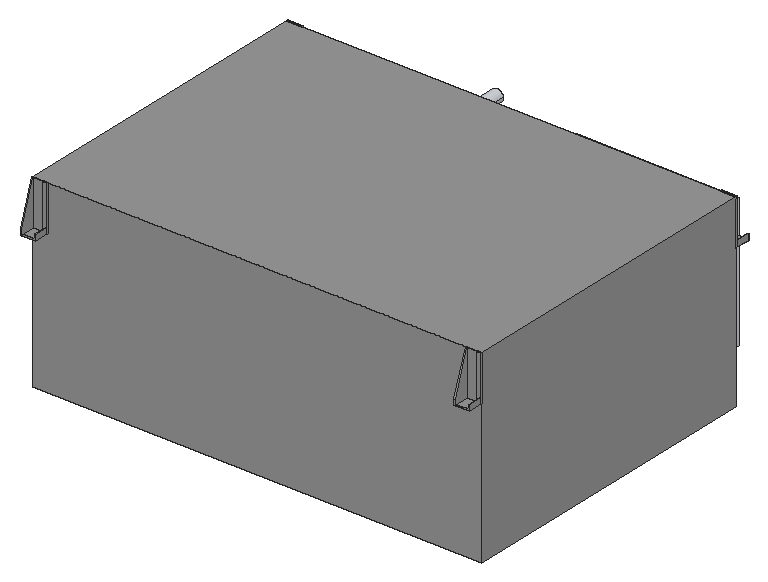
Revit family "НЕВАТОМ_Neiva 2 подвесная С-W-R 3000, Версия 2", category Оборудование, Revit 2017
Family settings
  Размер круглого соединителя = Использовать диаметр
  Тип детали = Нормальный
  На основе рабочей плоскости = Да
  Всегда вертикально = Нет
  При загрузке вырезать с полостями = Нет
  Общий = Нет
  Точка расчета площади = Нет
Parameters (values of type "C-3000-W-R")
  расстояние справа от щита = 592 mm
  расстояние до щита = 0 mm
  п5 = 468 mm
  п4 = 418 mm
  п3 = 230 mm
  п2 = 178 mm
  п1 = 128 mm
  длина щита = 440 mm
  длина ПВУ = 1218 mm
  глубина щита = 100 mm
  глубина ПВУ = 860 mm
  высота щита = 360 mm
  высота ПВУ = 510 mm
  вводный канал с = 945 mm
  вводный канал а = 946 mm
  вводный канал d = 255.081 mm
  вводный канал b = 68 mm
  Питание, В = "220"
  Default Elevation = 0 mm
  НЕВАТОМ_Температура воды на выходе из нагревателя = 70 °C
  А6 = 450 mm
  s = 16.514 mm
  m = 38.324 mm
  k  длина = 313 mm
  g6 = 200 mm
  g5 = 240 mm
  g4 = 75 mm
  g3 = 130 mm
  g1 = 18 mm
  f6 = 24.614 mm
  f5 = 64.614 mm
  f4 = 63.91 mm
  f3 = 44.614 mm
  f2 = 44.614 mm
  f1 = 39.65 mm
  d вниз = 60 mm
  c низ влево = 620 mm
  b4 = 75 mm
  b3 = 126 mm
  b2 = 174 mm
  b1 = 272 mm
  b вверх = 80 mm
  a влево = 578 mm
  PG = 0 mm
  Nevatom_Регулятор воздуха = ""
  Nevatom_Производительность = ""
  Nevatom_Напорная характеристика, Р1 = 200.0 Pa
  Nevatom_Напорная характеристика, P = 0.0 Pa
  Nevatom_Мощность нагревателя = 0 W
  Nevatom_Для задания электроснабжения = ""
  Nevatom_URL = ""
  Nevatom_Q1, м³/ч = 2880.0 m³/h
  Nevatom_Q, м³/ч = 1800.0 m³/h
  ADSK_Ток = 1.86 A
  ADSK_Температура воздуха на входе в нагреватель = 90 °C
  ADSK_Расход воздуха = 0.0 m³/h
  ADSK_Размер_Ширина = глубина ПВУ  # 860 mm
  ADSK_Размер_Длина = длина ПВУ  # 1218 mm
  ADSK_Размер_Высота = высота ПВУ  # 510 mm
  ADSK_Потеря давления воздуха = 0.0 Pa
  ADSK_Полная мощность = ADSK_Номинальная мощность / ADSK_Коэффициент мощности  # 1425 VA
  ADSK_Позиция = ""
  ADSK_Номинальная мощность = 1140 W
  ADSK_Напряжение = 400 V
  ADSK_Наименование = "C-3000-W-R"
  ADSK_Материал наименование = "сталь оцинкованная крашенная"
  ADSK_Масса = 90
  ADSK_Марка = "C-3000-W-R"
  ADSK_Коэффициент мощности = 0.8
  ADSK_Количество фаз = 3
  ADSK_Количество = 1  # constant formula
  ADSK_Код изделия = ""
  ADSK_Завод-изготовитель = "НЕВАТОМ"  # constant formula
  ADSK_Единица измерения = "шт."  # constant formula
  A1 = 830 mm
Reference planes
  plane 1 "По центру (Вперед/Назад)": y = 0
  plane 2: z = 0
  plane 3 "По центру (Влево/Вправо)": x = 0
  plane 4: y = 948.601
  plane 5: y = 88.601
  plane 6: x = -730
  plane 7: x = 488
  plane 8: y = -11.399
  plane 9: x = -544
  plane 10: z = 510
  plane 11: x = -104
  plane 12: z = 0
  plane 13: z = 0
  plane 14: z = 360
  plane 15: y = 948.601
Forms (mm)
  Extrusion 1, solid, material "Сталь, окрашенная, слоновая кость, матовая"
    sketch origin (0, 0, 0) x (1, 0, 0) y (0, 1, 0)
      loop
        line (-730, 948.601) -> (-730, 88.601) -> (488, 88.601) -> (488, 948.601) -> (-730, 948.601)
    from 0 to 510
  Extrusion 2, solid
    sketch origin (520, 1037.201, 80) x (1, 0, 0) y (0, 1, 0)
      loop
        line (-544, 11.399) -> (-544, -88.601) -> (-104, -88.601) -> (-104, 11.399) -> (-544, 11.399)
    from 0 to 360
Dimensions and locks
  plane 6 to plane 3 "По центру (Влево/Вправо)" to plane 7 = 730 mm, 488 mm
  "длина ПВУ": plane 6 to plane 7
  plane 4 to plane 5 to plane 1 "По центру (Вперед/Назад)" = 860 mm, 88.601 mm
  "глубина ПВУ": plane 4 to plane 5
  "глубина щита": plane 5 to plane 8
  "расстояние справа от щита": plane 11 to plane 7
  "высота ПВУ": plane 10 to level
  plane 12 to level = 0 mm
  "расстояние до щита": plane 13 to plane 12
  "высота щита": plane 14 to plane 13
  "длина щита": plane 11 to plane 9
  aligned and locked: level to plane 2
  aligned and locked: Extrusion 1 sketch curve to plane 4
  aligned and locked: plane 6 to Extrusion 1 sketch curve
  aligned and locked: Extrusion 1 sketch curve to plane 7
  aligned and locked: Extrusion 1 to plane 5
  aligned and locked: Extrusion 1 to plane 10
  aligned and locked: plane 10 to nested 1
  aligned and locked: nested 3 to plane 10
  aligned and locked: plane 10 to nested 2
  aligned and locked: nested 4 to plane 10
  aligned and locked: Extrusion 2 to nested 12
Automatic sketch dimensions
  Extrusion 1 sketch curve to plane 5 = 0 mm
  Extrusion 2 sketch curve to plane 4 = 0 mm
  Extrusion 2 sketch curve to plane 3 "По центру (Влево/Вправо)" = 24 mm
  Extrusion 2 sketch curve to plane 7 = 72 mm
  Extrusion 2 sketch curve to Extrusion 2 sketch curve = 100 mm
Nested families
  nested 1: "кронштейн" at (-707.156, 69.201, 513.126) x (1, 0, 0) z (0, 0, -1), type "кронштейн"
  nested 2: "кронштейн" at (468.844, 69.201, 513.126) x (1, 0, 0) z (0, 0, -1), type "кронштейн"
  nested 3: "кронштейн" at (-707.156, 968, 513.126) x (1, 0, 0) z (0, 0, -1), type "кронштейн"
  nested 4: "кронштейн" at (468.844, 968, 513.126) x (1, 0, 0) z (0, 0, -1), type "кронштейн"
  nested 5: "патрубок NWP" at (-252, 948.601, 445) x (1, 0, 0) z (0, 1, 0), type "патрубок NWP"
  nested 6: "патрубок NWP" at (-210, 948.601, 60) x (1, 0, 0) z (0, 1, 0), type "патрубок NWP"
  nested 7: "кабельный ввод PG16" at (-24, 998.601, 254) x (0, 1, 0) z (-1, 0, 0), type "PG16"
  nested 8: "кабельный ввод PG16" at (-24, 998.601, 170) x (0, 1, 0) z (-1, 0, 0), type "PG16"
  nested 9: "кабельный ввод PG11" at (-24, 997.879, 210) x (0, 1, 0) z (-1, 0, 0), type "PG11"
  nested 10: "кабельный ввод PG16" at (-24, 998.601, 297.296) x (0, 1, 0) z (-1, 0, 0), type "PG16"
  nested 11: "кабельный ввод PG16" at (-24, 998.601, 340.592) x (0, 1, 0) z (-1, 0, 0), type "PG16"
  nested 12: "выключатель пластик" at (411, 1004.015, 205) x (0, -1, 0) z (1, 0, 0), type "выключатель пластик"
  nested 13: "кабельный ввод PG21" at (326, 993.001, 80) x (-1, 0, 0) z (0, 0, -1), type "PG21"
  nested 14: "кабельный ввод PG11" at (271, 993.001, 80) x (-1, 0, 0) z (0, 0, -1), type "PG11"
  nested 15: "кабельный ввод PG11" at (78, 993.001, 80) x (-1, 0, 0) z (0, 0, -1), type "PG11"
  nested 16: "кабельный ввод PG11" at (25.371, 978.001, 80) x (-1, 0, 0) z (0, 0, -1), type "PG11"
  nested 17: "термостат" at (-341, 987.601, 402.5) x (-1, 0, 0) z (0, -1, 0), type "термостат"
  nested 18: "кабельный ввод PG11" at (-410, 948.601, 110.986) x (1, 0, 0) z (0, 1, 0), type "PG11"
  nested 19: "кабельный ввод PG11" at (-409.444, 948.601, 160.986) x (1, 0, 0) z (0, 1, 0), type "PG11"
  nested 20: "кабельный ввод PG11" at (-409.444, 948.601, 210.986) x (1, 0, 0) z (0, 1, 0), type "PG11"
  nested 21: "кабельный ввод PG11" at (221.732, 993.001, 80) x (-1, 0, 0) z (0, 0, -1), type "PG11"
  nested 22: "кабельный ввод PG11" at (25.371, 1013.001, 80) x (-1, 0, 0) z (0, 0, -1), type "PG11"
Connectors
  hvac at (488, 518.601, 255), driven by "А6", driven by "A1", driven by "ADSK_Расход воздуха", driven by "ADSK_Потеря давления воздуха"
    settings: on Extrusion 1, index 1, duct flow 0.0 m³/h, flow factor 0, pres drop 0.0 Pa, loss coef 0, conn angle 0.00°, conn width 830 mm, conn height 450 mm, conn diameter 609.6 mm, duct sys type 1, conn prof type 1, flow config 0, flow direction 1, loss method 4, conn ref index 2, conn util no, is conn primary yes, conn desc ""
  hvac at (-730, 518.601, 255), driven by "А6", driven by "A1", driven by "ADSK_Расход воздуха", driven by "ADSK_Потеря давления воздуха"
    settings: on Extrusion 1, index 2, duct flow 0.0 m³/h, flow factor 0, pres drop 0.0 Pa, loss coef 0, conn angle 0.00°, conn width 830 mm, conn height 450 mm, conn diameter 609.6 mm, duct sys type 1, conn prof type 1, flow config 0, flow direction 2, loss method 4, conn ref index 1, conn util no, is conn primary no, conn desc ""
  electrical at (326, 993.001, 80), driven by "ADSK_Напряжение", driven by "ADSK_Коэффициент мощности", driven by "ADSK_Полная мощность", driven by "ADSK_Количество фаз"
    settings: on nested 13, index 3, voltage 400 V, apparent load 0 VA, apparent load phase1 1425 VA, apparent load phase2 0 VA, apparent load phase3 0 VA, power factor 0.8, load classification "Двигатель", number of poles 3, system type 31, power factor state 1, is connector primary yes, connector utility no, sub classification motor no, connector description ""
  electrical at (271, 993.001, 80)
    settings: on nested 14, index 4, voltage 0 V, apparent load 0 VA, apparent load phase1 0 VA, apparent load phase2 0 VA, apparent load phase3 0 VA, power factor 1, load classification "Прочее", number of poles 1, system type 14, power factor state 1, is connector primary no, connector utility no, sub classification motor no, connector description ""
  electrical at (221.732, 993.001, 80)
    settings: on nested 21, index 5, voltage 0 V, apparent load 0 VA, apparent load phase1 0 VA, apparent load phase2 0 VA, apparent load phase3 0 VA, power factor 1, load classification "Прочее", number of poles 1, system type 14, power factor state 1, is connector primary no, connector utility no, sub classification motor no, connector description ""
  electrical at (78, 993.001, 80)
    settings: on nested 15, index 6, voltage 0 V, apparent load 0 VA, apparent load phase1 0 VA, apparent load phase2 0 VA, apparent load phase3 0 VA, power factor 1, load classification "Прочее", number of poles 1, system type 14, power factor state 1, is connector primary no, connector utility no, sub classification motor no, connector description ""
  electrical at (25.371, 978.001, 80)
    settings: on nested 16, index 7, voltage 0 V, apparent load 0 VA, apparent load phase1 0 VA, apparent load phase2 0 VA, apparent load phase3 0 VA, power factor 1, load classification "Прочее", number of poles 1, system type 14, power factor state 1, is connector primary no, connector utility no, sub classification motor no, connector description ""
  electrical at (25.371, 1013.001, 80)
    settings: on nested 22, index 8, voltage 0 V, apparent load 0 VA, apparent load phase1 0 VA, apparent load phase2 0 VA, apparent load phase3 0 VA, power factor 1, load classification "Прочее", number of poles 1, system type 14, power factor state 1, is connector primary no, connector utility no, sub classification motor no, connector description ""
  electrical at (-24, 998.601, 170)
    settings: on nested 8, index 9, voltage 0 V, apparent load 0 VA, apparent load phase1 0 VA, apparent load phase2 0 VA, apparent load phase3 0 VA, power factor 1, load classification "Прочее", number of poles 1, system type 14, power factor state 1, is connector primary no, connector utility no, sub classification motor no, connector description ""
  electrical at (-24, 997.879, 210)
    settings: on nested 9, index 10, voltage 0 V, apparent load 0 VA, apparent load phase1 0 VA, apparent load phase2 0 VA, apparent load phase3 0 VA, power factor 1, load classification "Прочее", number of poles 1, system type 14, power factor state 1, is connector primary no, connector utility no, sub classification motor no, connector description ""
  electrical at (-24, 998.601, 254)
    settings: on nested 7, index 11, voltage 0 V, apparent load 0 VA, apparent load phase1 0 VA, apparent load phase2 0 VA, apparent load phase3 0 VA, power factor 1, load classification "Прочее", number of poles 1, system type 14, power factor state 1, is connector primary no, connector utility no, sub classification motor no, connector description ""
  electrical at (-24, 998.601, 297.296)
    settings: on nested 10, index 12, voltage 0 V, apparent load 0 VA, apparent load phase1 0 VA, apparent load phase2 0 VA, apparent load phase3 0 VA, power factor 1, load classification "Прочее", number of poles 1, system type 14, power factor state 1, is connector primary no, connector utility no, sub classification motor no, connector description ""
  electrical at (-24, 998.601, 340.592)
    settings: on nested 11, index 13, voltage 0 V, apparent load 0 VA, apparent load phase1 0 VA, apparent load phase2 0 VA, apparent load phase3 0 VA, power factor 1, load classification "Прочее", number of poles 1, system type 14, power factor state 1, is connector primary no, connector utility no, sub classification motor no, connector description ""
  piping at (-252, 1064.601, 445), diameter 30
    settings: on nested 5, index 17, connector inside diameter 609.6 mm, connector length 0 mm, flow factor 0, pipe flow 0.0 m³/h, pressure drop 0.0 Pa, fitting loss kfactor 0, connector angle 0.00°, fixture units 0, engagement length 0 mm, angle of deflection 0.00°, flow configuration 0, flow direction 0, fitting loss method 0, system type 19, joint type 0, gender type 0, connector reference index -1, connector utility 0, adjustable connector no, is connector primary yes, connector description ""
  piping at (-210, 1064.601, 60), diameter 30
    settings: on nested 6, index 18, connector inside diameter 609.6 mm, connector length 0 mm, flow factor 0, pipe flow 0.0 m³/h, pressure drop 0.0 Pa, fitting loss kfactor 0, connector angle 0.00°, fixture units 0, engagement length 0 mm, angle of deflection 0.00°, flow configuration 0, flow direction 0, fitting loss method 0, system type 19, joint type 0, gender type 0, connector reference index -1, connector utility 0, adjustable connector no, is connector primary no, connector description ""
Definition of nested family "кронштейн"
  Reference planes
    plane 1 "По центру (Вперед/Назад)": y = 0
    plane 2: z = 0
    plane 3 "По центру (Влево/Вправо)": x = 0
  Forms (mm)
    Extrusion 1, solid
      sketch origin (-545.844, 366.399, 0) x (0, 1, 0) y (0, 0, 1)
        loop
          line (-351.118, 126.794) -> (-389, 126.794) -> (-389, 111.794) -> (-351.118, 3.126) -> (-351.118, 126.794)
      from 523 to 527.712
    Extrusion 2, solid
      sketch origin (-545.844, 301.399, 0) x (1, 0, 0) y (0, 0, 1)
        loop
          line (557.712, 126.794) -> (557.712, 123.742) -> (561.763, 123.742) -> (561.763, 111.794) -> (565, 111.794) -> (565, 126.794) -> (557.712, 126.794)
      from 286.118 to 324
    Extrusion 3, solid
      sketch origin (-545.844, 301.399, 20) x (1, 0, 0) y (0, 0, 1)
        loop
          line (565, -16.874) -> (565, 106.794) -> (553, 106.794) -> (553, -16.874) -> (565, -16.874)
      from 282 to 286.118
    Extrusion 4, solid
      sketch origin (-545.844, 301.399, 20) x (1, 0, 0) y (0, 0, 1)
        loop
          line (565, -16.874) -> (565, 106.794) -> (523, 106.794) -> (523, -16.874) -> (565, -16.874)
      from 282 to 286.118
    Extrusion 5, solid
      sketch origin (-545.844, 301.399, 0) x (1, 0, 0) y (0, 0, 1)
        loop
          line (527.712, 126.794) -> (527.712, 123.742) -> (561.763, 123.742) -> (561.763, 111.794) -> (565, 111.794) -> (565, 126.794) -> (527.712, 126.794)
      from 286.118 to 324
  Dimensions and locks
    aligned and locked: level to plane 2
Definition of nested family "патрубок NWP"
  Parameters (values of type "патрубок NWP")
    Default Elevation = 1219.2 mm
    d = 35 mm
    H = 116 mm
    D1 = 33 mm
    D патрубка = 33 mm
    D = 65 mm
  Reference planes
    plane 1 "По центру (Вперед/Назад)": y = 0
    plane 2: z = 0
    plane 3 "По центру (Влево/Вправо)": x = 0
    plane 4: z = 116
  Forms (mm)
    Extrusion 1, solid
      sketch origin (0, 0, 0) x (1, 0, 0) y (0, 1, 0)
        loop
          circle (0, 0) r 17.5
        loop
          circle (0, 0) r 32.5
        loop
          circle (0, 25.572) r 2.341
        loop
          circle (25.506, 0) r 2.503
        loop
          circle (0, -25.338) r 2.519
        loop
          circle (-26.427, 0) r 2.503
      from 0 to 2
    Extrusion 2, solid
      sketch origin (0, 0, 0) x (1, 0, 0) y (0, 1, 0)
        loop
          circle (0, 0) r 16.5
      from 0 to 116
  Dimensions and locks
    "H": plane 4 to level
    "D": diameter of Extrusion 1 sketch curve
    "d": diameter of Extrusion 1 sketch curve
    "D1": diameter of Extrusion 2 sketch curve
    "D патрубка": diameter of Extrusion 2
    aligned and locked: level to plane 2
    aligned and locked: plane 4 to Extrusion 2
    aligned and locked: Extrusion 1 to level
  Automatic sketch dimensions
    Extrusion 1 sketch curve to Extrusion 1 sketch curve = 0 mm  (x2)
    plane 1 "По центру (Вперед/Назад)" to Extrusion 1 sketch curve = 0 mm  (x3)
    Extrusion 1 sketch curve to plane 3 "По центру (Влево/Вправо)" = 0 mm  (x3)
    Extrusion 1 sketch curve to plane 3 "По центру (Влево/Вправо)" = 26.427 mm
    plane 3 "По центру (Влево/Вправо)" to Extrusion 1 sketch curve = 25.506 mm
    plane 1 "По центру (Вперед/Назад)" to Extrusion 1 sketch curve = 25.338 mm
    Extrusion 1 sketch curve to plane 1 "По центру (Вперед/Назад)" = 25.572 mm
    plane 1 "По центру (Вперед/Назад)" to Extrusion 2 sketch curve = 0 mm
    Extrusion 2 sketch curve to plane 3 "По центру (Влево/Вправо)" = 0 mm
    radius of Extrusion 1 sketch curve = 2.341 mm
    radius of Extrusion 1 sketch curve = 2.503 mm  (x2)
    radius of Extrusion 1 sketch curve = 2.519 mm
Definition of nested family "кабельный ввод PG16"
  Parameters (values of type "PG16")
    Default Elevation = 1219.2 mm
    d = 10 mm
    b = 25.371 mm
    a = 21.972 mm
    H = 28 mm
  Reference planes
    plane 1 "По центру (Вперед/Назад)": y = 0
    plane 2: z = 0
    plane 3 "По центру (Влево/Вправо)": x = 0
    plane 4: z = 28
    plane 5: z = 18
  Forms (mm)
    Blend 1, solid
      base sketch origin (0, 0, 0) x (1, 0, 0) y (0, 1, 0)
        loop
          circle (0, 0) r 10
      top sketch origin (0, 0, 0) x (1, 0, 0) y (0, 1, 0)
        loop
          circle (0, 0) r 5
      from 18 to 28
    Extrusion 2, void
      sketch origin (0, 0, 0) x (1, 0, 0) y (0, 1, 0)
        loop
          circle (0, 0) r 5.415
      from 0 to 28
    Extrusion 3, solid
      sketch origin (0, 0, 0) x (1, 0, 0) y (0, 1, 0)
        loop
          circle (0, 0) r 5.415
        loop
          line (13.498, 0) -> (6.749, 11.69) -> (-6.749, 11.69) -> (-13.498, 0) -> (-6.749, -11.69) -> (6.749, -11.69) -> (13.498, 0)
      from 0 to 18
  Cuts and joins
    Extrusion 2 cuts Blend 1
  Dimensions and locks
    "H": plane 4 to level
    aligned and locked: level to plane 2
  Automatic sketch dimensions
    plane 1 "По центру (Вперед/Назад)" to Blend 1 sketch curve = 0 mm  (x2)
    Blend 1 sketch curve to plane 3 "По центру (Влево/Вправо)" = 0 mm  (x2)
    plane 1 "По центру (Вперед/Назад)" to Extrusion 2 sketch curve = 0 mm
    Extrusion 2 sketch curve to plane 3 "По центру (Влево/Вправо)" = 0 mm
    plane 1 "По центру (Вперед/Назад)" to Extrusion 3 sketch curve = 0 mm
    Extrusion 3 sketch curve to plane 3 "По центру (Влево/Вправо)" = 0 mm
    radius of Blend 1 sketch curve = 5 mm
    radius of Extrusion 2 sketch curve = 5.415 mm
    radius of Blend 1 sketch curve = 10 mm
    radius of Extrusion 3 sketch curve = 5.415 mm
Definition of nested family "кабельный ввод PG11"
  Parameters (values of type "PG11")
    Default Elevation = 1219.2 mm
    d = 10 mm
    b = 25.371 mm
    a = 21.972 mm
    H = 26 mm
  Types (4, lengths in mm): name | H
    (no name) | 26
    PG11 | 26
    PG16 | 28
    PG21 | 33
  Reference planes
    plane 1 "По центру (Вперед/Назад)": y = 0
    plane 2: z = 0
    plane 3 "По центру (Влево/Вправо)": x = 0
    plane 4: z = 26
    plane 5: z = 18
    plane 6: x = -12.685
  Forms (mm)
    Extrusion 1, solid
      sketch origin (0, 0, 0) x (1, 0, 0) y (0, 1, 0)
        loop
          line (12.685, 0) -> (6.343, 10.986) -> (-6.343, 10.986) -> (-12.685, 0) -> (-6.343, -10.986) -> (6.343, -10.986) -> (12.685, 0)
        loop
          circle (0, 0) r 5
      from 0 to 18
    Blend 2, solid
      base sketch origin (0, 0, 0) x (1, 0, 0) y (0, 1, 0)
        loop
          circle (0, 0) r 10
      top sketch origin (0, 0, 0) x (1, 0, 0) y (0, 1, 0)
        loop
          circle (0, 0) r 5
      from 18 to 26
    Extrusion 3, void
      sketch origin (0, 0, 0) x (1, 0, 0) y (0, 1, 0)
        loop
          circle (0, 0) r 5.415
      from 0 to 26
  Cuts and joins
    Extrusion 3 cuts Extrusion 1
    Extrusion 3 cuts Blend 2
  Dimensions and locks
    "H": plane 4 to level
    aligned and locked: level to plane 2
  Automatic sketch dimensions
    plane 1 "По центру (Вперед/Назад)" to Extrusion 1 sketch curve = 0 mm  (x3)
    Extrusion 1 sketch curve to plane 6 = 0 mm
    Extrusion 1 sketch curve to plane 3 "По центру (Влево/Вправо)" = 0 mm
    Extrusion 1 sketch curve to plane 3 "По центру (Влево/Вправо)" = 6.343 mm  (x2)
    plane 3 "По центру (Влево/Вправо)" to Extrusion 1 sketch curve = 6.343 mm  (x2)
    Extrusion 1 sketch curve to Extrusion 1 sketch curve = 6.343 mm
    plane 1 "По центру (Вперед/Назад)" to Extrusion 1 sketch curve = 10.986 mm
    Extrusion 1 sketch curve to plane 1 "По центру (Вперед/Назад)" = 10.986 mm
    plane 1 "По центру (Вперед/Назад)" to Blend 2 sketch curve = 0 mm  (x2)
    Blend 2 sketch curve to plane 3 "По центру (Влево/Вправо)" = 0 mm  (x2)
    plane 1 "По центру (Вперед/Назад)" to Extrusion 3 sketch curve = 0 mm
    Extrusion 3 sketch curve to plane 3 "По центру (Влево/Вправо)" = 0 mm
    radius of Extrusion 1 sketch curve = 5 mm
    radius of Blend 2 sketch curve = 10 mm
    radius of Blend 2 sketch curve = 5 mm
    radius of Extrusion 3 sketch curve = 5.415 mm
Definition of nested family "выключатель пластик"
  Parameters (values of type "выключатель пластик")
    Default Elevation = 1219.2 mm
    h = 18 mm
    b = 44 mm
    a = 44 mm
  Reference planes
    plane 1 "По центру (Вперед/Назад)": y = 0
    plane 2: z = 0
    plane 3 "По центру (Влево/Вправо)": x = 0
    plane 4: x = -22
    plane 5: x = 22
    plane 6: y = -22
    plane 7: y = 22
    plane 8: z = 18
  Forms (mm)
    Extrusion 1, solid
      sketch origin (0, 0, 0) x (1, 0, 0) y (0, 1, 0)
        loop
          line (-22, 22) -> (-22, -22) -> (22, -22) -> (22, 22) -> (-22, 22)
      from 5 to 10
    Extrusion 2, solid
      sketch origin (0, 0, 0) x (1, 0, 0) y (0, 1, 0)
        loop
          circle (0, 0) r 17.083
        loop
          circle (0, 0) r 13.032
      from 10 to 20
    Extrusion 3, solid
      sketch origin (0, 0, 0) x (1, 0, 0) y (0, 1, 0)
        loop
          line (-1.523, -13.032) -> (1.565, -13.032) -> (1.565, 12.938) -> (-1.523, 12.938) -> (-1.523, -13.032)
      from 5 to 20
  Cuts and joins
    joined: Extrusion 1, Extrusion 2
  Dimensions and locks
    equal spacing: plane 7, plane 1 "По центру (Вперед/Назад)", plane 6
    "a": plane 7 to plane 6
    equal spacing: plane 4, plane 3 "По центру (Влево/Вправо)", plane 5
    "b": plane 4 to plane 5
    "h": plane 8 to level
    aligned and locked: level to plane 2
  Automatic sketch dimensions
    Extrusion 1 sketch curve to plane 4 = 0 mm
    Extrusion 1 sketch curve to plane 5 = 0 mm
    Extrusion 1 sketch curve to plane 6 = 0 mm
    Extrusion 1 sketch curve to plane 7 = 0 mm
    Extrusion 2 sketch curve to Extrusion 2 sketch curve = 0 mm  (x2)
    plane 1 "По центру (Вперед/Назад)" to Extrusion 2 sketch curve = 0 mm
    Extrusion 2 sketch curve to plane 3 "По центру (Влево/Вправо)" = 0 mm
    Extrusion 3 sketch curve to plane 3 "По центру (Влево/Вправо)" = 1.523 mm
    plane 3 "По центру (Влево/Вправо)" to Extrusion 3 sketch curve = 1.565 mm
    plane 6 to Extrusion 3 sketch curve = 8.968 mm
    Extrusion 3 sketch curve to plane 7 = 9.062 mm
    radius of Extrusion 2 sketch curve = 17.083 mm
    radius of Extrusion 2 sketch curve = 13.032 mm
Definition of nested family "кабельный ввод PG21"
  Parameters (values of type "PG11")
    Default Elevation = 1219.2 mm
    d = 10 mm
    b = 25.371 mm
    a = 21.972 mm
    H = 32 mm
  Types (4, lengths in mm): name | H
    (no name) | 26
    PG11 | 32
    PG16 | 28
    PG21 | 33
  Reference planes
    plane 1 "По центру (Вперед/Назад)": y = 0
    plane 2: z = 0
    plane 3 "По центру (Влево/Вправо)": x = 0
    plane 4: z = 32
    plane 5: z = 18
  Forms (mm)
    Blend 1, solid
      base sketch origin (0, 0, 0) x (1, 0, 0) y (0, 1, 0)
        loop
          circle (0, 0) r 14
      top sketch origin (0, 0, 0) x (1, 0, 0) y (0, 1, 0)
        loop
          circle (0, 0) r 5
      from 22.641 to 32
    Extrusion 2, void
      sketch origin (0, 0, 0) x (1, 0, 0) y (0, 1, 0)
        loop
          circle (0, 0) r 5.415
      from 0 to 32
    Extrusion 3, solid
      sketch origin (0, 0, 0) x (0.999848, 0.017452, 0) y (-0.017452, 0.999848, 0)
        loop
          circle (0, 0) r 6.071
        loop
          line (18.415, -0.321) -> (9.486, 15.787) -> (-8.929, 16.108) -> (-18.415, 0.321) -> (-9.486, -15.787) -> (8.929, -16.108) -> (18.415, -0.321)
      from 0 to 22.641
  Cuts and joins
    Extrusion 2 cuts Blend 1
  Dimensions and locks
    "H": plane 4 to level
    aligned and locked: level to plane 2
  Automatic sketch dimensions
    plane 1 "По центру (Вперед/Назад)" to Blend 1 sketch curve = 0 mm  (x2)
    Blend 1 sketch curve to plane 3 "По центру (Влево/Вправо)" = 0 mm  (x2)
    plane 1 "По центру (Вперед/Назад)" to Extrusion 2 sketch curve = 0 mm
    Extrusion 2 sketch curve to plane 3 "По центру (Влево/Вправо)" = 0 mm
    plane 1 "По центру (Вперед/Назад)" to Extrusion 3 sketch curve = 0 mm  (x3)
    Extrusion 3 sketch curve to plane 3 "По центру (Влево/Вправо)" = 0 mm
    Extrusion 3 sketch curve to Extrusion 3 sketch curve = 9.486 mm  (x2)
    Extrusion 3 sketch curve to Extrusion 3 sketch curve = 0.321 mm
    Extrusion 3 sketch curve to Extrusion 3 sketch curve = 8.929 mm  (x2)
    Extrusion 3 sketch curve to Extrusion 3 sketch curve = 18.415 mm  (x2)
    Extrusion 3 sketch curve to Extrusion 3 sketch curve = 16.108 mm  (x2)
    Extrusion 3 sketch curve to Extrusion 3 sketch curve = 15.787 mm
    radius of Blend 1 sketch curve = 14 mm
    radius of Blend 1 sketch curve = 5 mm
    radius of Extrusion 2 sketch curve = 5.415 mm
    radius of Extrusion 3 sketch curve = 6.071 mm
Definition of nested family "термостат"
  Parameters (values of type "термостат")
    Default Elevation = 1219.2 mm
    h = 39 mm
    b = 61 mm
    a = 74 mm
  Reference planes
    plane 1 "По центру (Вперед/Назад)": y = 0
    plane 2: z = 0
    plane 3 "По центру (Влево/Вправо)": x = 0
    plane 4: y = 30.5
    plane 5: x = 37
    plane 6: x = -37
    plane 7: y = -30.5
    plane 8: z = 39
  Forms (mm)
    Extrusion 1, solid
      sketch origin (0, 0, 0) x (1, 0, 0) y (0, 1, 0)
        loop
          line (-37, -30.5) -> (37, -30.5) -> (37, 30.5) -> (-37, 30.5) -> (-37, -30.5)
      from 0 to 39
    Extrusion 2, solid
      sketch origin (0, 0, 0) x (1, 0, 0) y (0, 0, 1)
        loop
          circle (15.272, 16.546) r 15
      from 30.5 to 43.051
    Extrusion 3, solid
      sketch origin (0, 0, 0) x (1, 0, 0) y (0, 0, 1)
        loop
          circle (-17.283, 28.063) r 2.025
      from -54.437 to -30.5
  Dimensions and locks
    "h": plane 8 to level
    equal spacing: plane 6, plane 3 "По центру (Влево/Вправо)", plane 5
    "a": plane 6 to plane 5
    equal spacing: plane 4, plane 1 "По центру (Вперед/Назад)", plane 7
    "b": plane 4 to plane 7
    aligned and locked: level to plane 2
  Automatic sketch dimensions
    Extrusion 1 sketch curve to plane 4 = 0 mm
    Extrusion 1 sketch curve to plane 6 = 0 mm
    Extrusion 1 sketch curve to plane 5 = 0 mm
    Extrusion 1 sketch curve to plane 7 = 0 mm
    plane 3 "По центру (Влево/Вправо)" to Extrusion 2 sketch curve = 15.272 mm
    level to Extrusion 2 sketch curve = 16.546 mm
    Extrusion 3 sketch curve to plane 3 "По центру (Влево/Вправо)" = 17.283 mm
    Extrusion 3 sketch curve to plane 8 = 10.937 mm
    radius of Extrusion 2 sketch curve = 15 mm
    radius of Extrusion 3 sketch curve = 2.025 mm
